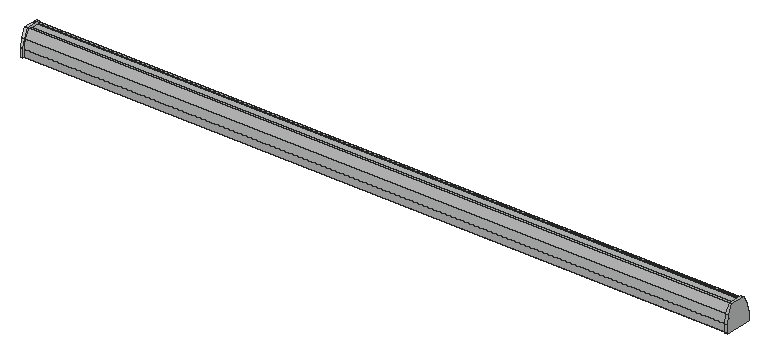
Revit family "LIRA", category Осветительные приборы, Revit 2019 (continued)
Types (6, lengths in mm): name | built-in parameter 1150134 | built-in parameter 1150105 | Lumens | built-in parameter 1150106 | built-in parameter 1150142 | Wattage | built-in parameter 1150107 | Emit from Rectangle Length | Длина | ADSK_Ток | ADSK_Полная мощность | ADSK_Обозначение | ADSK_Номинальная мощность | ADSK_Наименование | ADSK_Масса | ADSK_Код изделия
  LIRA-38/OPAL-1200/IP65  (5000К, серый) | 2 | 310.35 (stored number, unit not read) | 3900 lm | 3.1035 (stored number, unit not read) | "IESNA:LM-63-95\r\n[TEST] Протокол № 50\r\n[DATA] 17.06.2016\r\n[MORE] \r\n[MANUFAC] ЗАО \"Центрстройсвет\"\r\n[LUMCAT]  Светильник OPERLUX-34/PRISMA-(588x588) \r\n[LUMINAIRE]\r\n[LAMPCAT] Светодиоды\r\n[LAMP] Поток источника света (светодиодов) не известен\r\n[MORE] КСС приведена в абсолютных величинах кд\r\n[MORE] Вместо потока лампы, указан поток светильника.\r\nTILT=NONE\r\n1    3050 1.0 37 73 1 2 0.588 0.588 0.08\r\n1.0 1.0 34\r\n0.0 5.0 10.0 15.0 20.0 25.0 30.0 35.0 40.0 45.0 50.0 55.0 60.0 65.0 70.0 75.0 80.0 85.0 90.0 95.0 100.0 105.0 110.0 115.0 120.0 125.0 130.0 135.0 140.0 145.0 150.0 155.0 160.0 165.0 170.0 175.0 180.0\r\n0.0 5.0 10.0 15.0 20.0 25.0 30.0 35.0 40.0 45.0 50.0 55.0 60.0 65.0 70.0 75.0 80.0 85.0 90.0 95.0 100.0 105.0 110.0 115.0 120.0 125.0 130.0 135.0 140.0 145.0 150.0 155.0 160.0 165.0 170.0 175.0 180.0 185.0 190.0 195.0 200.0 205.0 210.0 215.0 220.0 225.0 230.0 235.0 240.0 245.0 250.0 255.0 260.0 265.0 270.0 275.0 280.0 285.0 290.0 295.0 300.0 305.0 310.0 315.0 320.0 325.0 330.0 335.0 340.0 345.0 350.0 355.0 360.0\r\n1367.8 1364.1 1339.9 1310.7 1251.0 1171.4 1077.9 956.5 826.9 709.2 591.4 468.7 352.2 267.2 190.7 130.0 88.6 43.5 5.5 0.0 0.0 0.0 0.0 0.0 0.0 0.0 0.0 0.0 0.0 0.0 0.0 0.0 0.0 0.0 0.0 0.0 0.0\r\n1367.8 1365.7 1344.6 1309.2 1251.5 1175.2 1073.4 954.2 830.4 711.2 594.6 469.5 356.0 268.7 191.9 132.6 89.9 43.9 6.3 0.0 0.0 0.0 0.0 0.0 0.0 0.0 0.0 0.0 0.0 0.0 0.0 0.0 0.0 0.0 0.0 0.0 0.0\r\n1367.8 1367.4 1347.2 1302.8 1251.5 1178.6 1078.4 958.6 835.1 714.0 597.2 474.3 359.6 268.7 192.7 135.6 92.1 44.3 6.9 0.0 0.0 0.0 0.0 0.0 0.0 0.0 0.0 0.0 0.0 0.0 0.0 0.0 0.0 0.0 0.0 0.0 0.0\r\n1367.8 1368.2 1346.2 1303.1 1250.1 1177.1 1081.4 960.9 838.1 716.2 597.6 475.0 358.6 266.4 190.9 134.8 91.7 44.9 7.0 0.0 0.0 0.0 0.0 0.0 0.0 0.0 0.0 0.0 0.0 0.0 0.0 0.0 0.0 0.0 0.0 0.0 0.0\r\n1367.8 1367.7 1343.5 1306.2 1256.1 1180.0 1081.0 961.6 838.1 714.0 595.7 473.1 356.8 262.2 188.3 132.8 89.3 43.7 6.6 0.0 0.0 0.0 0.0 0.0 0.0 0.0 0.0 0.0 0.0 0.0 0.0 0.0 0.0 0.0 0.0 0.0 0.0\r\n1367.8 1366.2 1344.8 1309.0 1256.2 1184.6 1080.4 962.6 836.8 714.8 593.8 469.6 354.4 260.1 184.9 130.4 88.4 44.2 6.5 0.0 0.0 0.0 0.0 0.0 0.0 0.0 0.0 0.0 0.0 0.0 0.0 0.0 0.0 0.0 0.0 0.0 0.0\r\n1367.8 1364.3 1347.6 1312.1 1259.9 1177.4 1078.5 968.2 849.1 721.6 596.0 467.2 355.0 257.4 183.3 127.1 87.5 45.4 6.5 0.0 0.0 0.0 0.0 0.0 0.0 0.0 0.0 0.0 0.0 0.0 0.0 0.0 0.0 0.0 0.0 0.0 0.0\r\n1367.8 1363.3 1348.8 1312.0 1262.8 1181.2 1077.4 968.8 853.2 730.0 597.2 466.8 353.5 256.9 181.1 124.8 87.2 45.9 6.9 0.0 0.0 0.0 0.0 0.0 0.0 0.0 0.0 0.0 0.0 0.0 0.0 0.0 0.0 0.0 0.0 0.0 0.0\r\n1367.8 1364.0 1350.3 1308.2 1255.9 1182.2 1079.9 969.0 856.0 734.3 601.1 468.4 352.6 254.4 178.0 121.7 85.5 45.0 6.9 0.0 0.0 0.0 0.0 0.0 0.0 0.0 0.0 0.0 0.0 0.0 0.0 0.0 0.0 0.0 0.0 0.0 0.0\r\n1367.8 1364.9 1349.2 1313.0 1259.2 1178.2 1076.4 970.7 860.9 740.8 606.9 469.1 350.2 254.0 175.6 117.8 83.6 43.4 6.7 0.0 0.0 0.0 0.0 0.0 0.0 0.0 0.0 0.0 0.0 0.0 0.0 0.0 0.0 0.0 0.0 0.0 0.0\r\n1367.8 1365.0 1348.6 1315.3 1261.5 1184.1 1082.6 973.9 862.8 745.2 607.9 469.0 350.5 253.1 173.2 116.2 81.4 42.4 6.5 0.0 0.0 0.0 0.0 0.0 0.0 0.0 0.0 0.0 0.0 0.0 0.0 0.0 0.0 0.0 0.0 0.0 0.0\r\n1367.8 1364.4 1347.9 1315.3 1258.7 1186.3 1085.9 970.5 862.2 747.0 613.0 468.8 350.2 252.8 173.4 116.6 79.8 40.9 6.7 0.0 0.0 0.0 0.0 0.0 0.0 0.0 0.0 0.0 0.0 0.0 0.0 0.0 0.0 0.0 0.0 0.0 0.0\r\n1367.8 1363.4 1347.0 1308.3 1258.6 1184.3 1089.8 973.9 867.7 742.3 606.2 467.0 350.0 252.6 175.4 119.1 79.8 42.1 7.1 0.0 0.0 0.0 0.0 0.0 0.0 0.0 0.0 0.0 0.0 0.0 0.0 0.0 0.0 0.0 0.0 0.0 0.0\r\n1367.8 1362.6 1348.4 1308.2 1261.4 1190.2 1088.3 978.6 869.6 744.0 601.1 462.4 350.2 253.6 175.9 123.0 83.5 45.3 7.8 0.0 0.0 0.0 0.0 0.0 0.0 0.0 0.0 0.0 0.0 0.0 0.0 0.0 0.0 0.0 0.0 0.0 0.0\r\n1367.8 1362.3 1347.3 1311.1 1262.3 1191.1 1093.6 982.5 872.1 746.6 597.2 461.1 348.8 251.4 176.3 127.6 89.2 48.5 7.9 0.0 0.0 0.0 0.0 0.0 0.0 0.0 0.0 0.0 0.0 0.0 0.0 0.0 0.0 0.0 0.0 0.0 0.0\r\n1367.8 1362.5 1345.8 1316.1 1260.6 1190.3 1096.8 982.6 873.3 743.8 593.1 456.4 347.2 250.6 175.7 130.9 94.2 51.8 9.3 0.0 0.0 0.0 0.0 0.0 0.0 0.0 0.0 0.0 0.0 0.0 0.0 0.0 0.0 0.0 0.0 0.0 0.0\r\n1367.8 1363.2 1345.2 1315.5 1267.1 1195.5 1096.1 995.9 871.3 740.3 589.0 455.0 342.8 246.9 174.2 131.9 97.1 52.4 10.1 0.0 0.0 0.0 0.0 0.0 0.0 0.0 0.0 0.0 0.0 0.0 0.0 0.0 0.0 0.0 0.0 0.0 0.0\r\n1367.8 1364.5 1346.0 1317.2 1264.0 1194.7 1102.6 991.8 873.9 736.2 584.7 454.3 338.6 243.0 171.3 130.1 99.3 53.7 9.5 0.0 0.0 0.0 0.0 0.0 0.0 0.0 0.0 0.0 0.0 0.0 0.0 0.0 0.0 0.0 0.0 0.0 0.0\r\n1367.8 1365.9 1346.4 1317.1 1264.0 1198.2 1105.3 994.6 872.6 727.7 582.0 451.8 335.8 239.9 168.3 127.6 100.0 55.8 7.5 0.0 0.0 0.0 0.0 0.0 0.0 0.0 0.0 0.0 0.0 0.0 0.0 0.0 0.0 0.0 0.0 0.0 0.0\r\n1367.8 1366.3 1344.9 1317.5 1265.6 1200.4 1108.2 997.2 868.8 722.7 575.8 446.5 333.1 238.4 167.7 126.3 98.1 56.1 8.8 0.0 0.0 0.0 0.0 0.0 0.0 0.0 0.0 0.0 0.0 0.0 0.0 0.0 0.0 0.0 0.0 0.0 0.0\r\n1367.8 1365.9 1344.0 1313.0 1263.2 1200.6 1104.3 997.0 862.7 720.9 568.5 441.0 331.7 237.8 167.7 126.3 96.7 53.7 9.4 0.0 0.0 0.0 0.0 0.0 0.0 0.0 0.0 0.0 0.0 0.0 0.0 0.0 0.0 0.0 0.0 0.0 0.0\r\n1367.8 1365.3 1346.1 1312.6 1263.0 1198.3 1108.1 995.3 861.6 712.7 563.4 437.4 331.4 236.8 165.9 124.7 95.3 55.2 9.1 0.0 0.0 0.0 0.0 0.0 0.0 0.0 0.0 0.0 0.0 0.0 0.0 0.0 0.0 0.0 0.0 0.0 0.0\r\n1367.8 1364.9 1349.2 1313.0 1262.9 1199.0 1108.3 993.8 855.7 710.3 563.1 435.2 329.9 233.9 163.4 121.6 92.0 55.1 8.8 0.0 0.0 0.0 0.0 0.0 0.0 0.0 0.0 0.0 0.0 0.0 0.0 0.0 0.0 0.0 0.0 0.0 0.0\r\n1367.8 1364.1 1352.0 1313.2 1259.2 1197.0 1104.6 988.6 849.9 704.2 562.4 433.5 327.9 230.5 158.4 116.9 87.6 51.4 7.8 0.0 0.0 0.0 0.0 0.0 0.0 0.0 0.0 0.0 0.0 0.0 0.0 0.0 0.0 0.0 0.0 0.0 0.0\r\n1367.8 1363.0 1349.6 1313.3 1257.8 1193.2 1098.7 980.1 848.0 708.1 565.6 433.4 325.1 228.0 154.2 111.3 83.7 49.7 7.5 0.0 0.0 0.0 0.0 0.0 0.0 0.0 0.0 0.0 0.0 0.0 0.0 0.0 0.0 0.0 0.0 0.0 0.0\r\n1367.8 1361.9 1346.7 1314.1 1256.8 1193.2 1093.6 977.6 847.2 708.6 569.1 434.8 324.5 225.9 151.7 107.5 81.6 48.9 7.3 0.0 0.0 0.0 0.0 0.0 0.0 0.0 0.0 0.0 0.0 0.0 0.0 0.0 0.0 0.0 0.0 0.0 0.0\r\n1367.8 1361.2 1345.0 1309.5 1261.1 1193.3 1089.9 973.2 851.1 709.3 572.7 435.0 323.4 225.4 152.1 105.8 80.4 49.9 7.3 0.0 0.0 0.0 0.0 0.0 0.0 0.0 0.0 0.0 0.0 0.0 0.0 0.0 0.0 0.0 0.0 0.0 0.0\r\n1367.8 1360.5 1345.3 1307.2 1258.6 1186.4 1085.9 974.0 847.9 714.1 575.5 436.8 321.2 223.3 152.0 105.2 79.8 49.6 8.0 0.0 0.0 0.0 0.0 0.0 0.0 0.0 0.0 0.0 0.0 0.0 0.0 0.0 0.0 0.0 0.0 0.0 0.0\r\n1367.8 1360.0 1344.3 1308.1 1257.8 1178.2 1085.3 975.1 848.7 715.2 575.4 439.1 318.7 223.0 150.8 104.3 79.3 49.5 8.2 0.0 0.0 0.0 0.0 0.0 0.0 0.0 0.0 0.0 0.0 0.0 0.0 0.0 0.0 0.0 0.0 0.0 0.0\r\n1367.8 1360.5 1346.2 1311.6 1256.3 1174.7 1082.9 978.6 851.4 710.5 574.9 440.6 317.9 221.6 152.3 106.4 79.3 48.7 8.4 0.0 0.0 0.0 0.0 0.0 0.0 0.0 0.0 0.0 0.0 0.0 0.0 0.0 0.0 0.0 0.0 0.0 0.0\r\n1367.8 1361.9 1350.3 1309.3 1252.2 1172.6 1080.3 970.8 851.2 713.3 570.6 439.7 319.0 222.4 154.5 110.7 81.7 47.4 8.1 0.0 0.0 0.0 0.0 0.0 0.0 0.0 0.0 0.0 0.0 0.0 0.0 0.0 0.0 0.0 0.0 0.0 0.0\r\n1367.8 1363.7 1348.0 1307.6 1253.5 1171.4 1087.1 971.6 851.9 710.7 569.9 438.2 323.8 226.5 159.3 115.4 83.3 45.0 7.6 0.0 0.0 0.0 0.0 0.0 0.0 0.0 0.0 0.0 0.0 0.0 0.0 0.0 0.0 0.0 0.0 0.0 0.0\r\n1367.8 1365.3 1346.4 1312.3 1251.8 1172.7 1086.5 974.6 847.7 705.0 567.7 442.4 326.6 234.0 164.3 120.1 85.8 43.9 7.4 0.0 0.0 0.0 0.0 0.0 0.0 0.0 0.0 0.0 0.0 0.0 0.0 0.0 0.0 0.0 0.0 0.0 0.0\r\n1367.8 1366.2 1347.0 1309.1 1250.4 1170.7 1085.2 978.5 846.6 705.8 567.4 441.3 331.1 236.3 167.7 122.8 88.4 45.0 8.1 0.0 0.0 0.0 0.0 0.0 0.0 0.0 0.0 0.0 0.0 0.0 0.0 0.0 0.0 0.0 0.0 0.0 0.0\r\n1367.8 1366.0 1347.9 1306.2 1240.5 1166.7 1082.2 977.2 844.2 702.8 566.8 442.7 335.1 241.3 169.7 123.7 90.0 45.9 9.2 0.0 0.0 0.0 0.0 0.0 0.0 0.0 0.0 0.0 0.0 0.0 0.0 0.0 0.0 0.0 0.0 0.0 0.0\r\n1367.8 1364.3 1346.5 1311.7 1250.6 1170.3 1080.9 980.5 844.4 703.8 569.8 446.4 334.2 240.3 169.5 121.7 87.9 46.9 9.3 0.0 0.0 0.0 0.0 0.0 0.0 0.0 0.0 0.0 0.0 0.0 0.0 0.0 0.0 0.0 0.0 0.0 0.0\r\n1367.8 1361.6 1341.0 1307.3 1249.6 1169.2 1088.8 980.5 845.1 706.2 571.7 444.8 333.0 238.4 168.9 120.7 87.1 47.8 7.8 0.0 0.0 0.0 0.0 0.0 0.0 0.0 0.0 0.0 0.0 0.0 0.0 0.0 0.0 0.0 0.0 0.0 0.0\r\n1367.8 1359.4 1337.2 1303.3 1252.4 1170.4 1080.4 978.1 841.4 701.4 566.4 444.4 333.5 241.2 169.4 122.2 88.2 47.2 9.5 0.0 0.0 0.0 0.0 0.0 0.0 0.0 0.0 0.0 0.0 0.0 0.0 0.0 0.0 0.0 0.0 0.0 0.0\r\n1367.8 1359.3 1342.6 1310.3 1242.7 1173.0 1078.8 976.3 844.8 702.0 565.3 440.7 332.8 240.9 169.9 123.5 89.5 46.1 9.1 0.0 0.0 0.0 0.0 0.0 0.0 0.0 0.0 0.0 0.0 0.0 0.0 0.0 0.0 0.0 0.0 0.0 0.0\r\n1367.8 1361.3 1345.4 1306.4 1248.2 1167.7 1080.4 980.5 846.8 703.5 567.2 443.4 333.2 240.2 168.7 123.1 88.4 46.2 8.4 0.0 0.0 0.0 0.0 0.0 0.0 0.0 0.0 0.0 0.0 0.0 0.0 0.0 0.0 0.0 0.0 0.0 0.0\r\n1367.8 1364.4 1343.1 1308.2 1251.3 1170.9 1084.2 980.8 848.5 707.7 571.1 445.6 332.7 238.1 167.5 120.7 85.6 44.6 7.7 0.0 0.0 0.0 0.0 0.0 0.0 0.0 0.0 0.0 0.0 0.0 0.0 0.0 0.0 0.0 0.0 0.0 0.0\r\n1367.8 1366.7 1342.9 1310.2 1254.3 1176.8 1087.8 981.7 853.4 711.9 574.2 446.0 329.4 232.8 162.6 116.6 83.7 45.3 8.1 0.0 0.0 0.0 0.0 0.0 0.0 0.0 0.0 0.0 0.0 0.0 0.0 0.0 0.0 0.0 0.0 0.0 0.0\r\n1367.8 1367.7 1346.5 1310.6 1258.1 1183.1 1085.5 978.6 854.1 714.2 577.9 448.7 327.1 229.4 158.3 112.1 82.0 47.9 9.0 0.0 0.0 0.0 0.0 0.0 0.0 0.0 0.0 0.0 0.0 0.0 0.0 0.0 0.0 0.0 0.0 0.0 0.0\r\n1367.8 1367.3 1348.0 1310.6 1262.6 1180.1 1086.5 982.6 856.7 719.8 579.9 448.7 324.7 226.8 155.7 107.8 80.3 50.1 9.5 0.0 0.0 0.0 0.0 0.0 0.0 0.0 0.0 0.0 0.0 0.0 0.0 0.0 0.0 0.0 0.0 0.0 0.0\r\n1367.8 1365.6 1348.6 1309.9 1259.0 1186.0 1089.0 979.4 855.0 722.2 584.2 450.5 325.6 227.6 155.8 107.2 80.5 51.4 9.6 0.0 0.0 0.0 0.0 0.0 0.0 0.0 0.0 0.0 0.0 0.0 0.0 0.0 0.0 0.0 0.0 0.0 0.0\r\n1367.8 1363.3 1347.7 1306.8 1261.1 1190.7 1095.5 982.3 860.8 723.2 585.7 446.3 327.8 230.3 158.2 109.3 81.7 51.4 9.3 0.0 0.0 0.0 0.0 0.0 0.0 0.0 0.0 0.0 0.0 0.0 0.0 0.0 0.0 0.0 0.0 0.0 0.0\r\n1367.8 1361.0 1344.4 1306.7 1264.4 1191.7 1095.0 984.8 858.7 723.1 583.6 444.8 328.4 232.3 158.6 109.9 81.8 51.7 9.0 0.0 0.0 0.0 0.0 0.0 0.0 0.0 0.0 0.0 0.0 0.0 0.0 0.0 0.0 0.0 0.0 0.0 0.0\r\n1367.8 1359.1 1344.3 1308.4 1263.8 1198.1 1102.2 989.8 861.5 721.8 582.8 444.8 331.3 233.7 158.6 111.1 83.0 50.9 8.9 0.0 0.0 0.0 0.0 0.0 0.0 0.0 0.0 0.0 0.0 0.0 0.0 0.0 0.0 0.0 0.0 0.0 0.0\r\n1367.8 1357.8 1346.5 1313.8 1263.6 1192.7 1107.0 996.3 859.5 718.8 579.1 442.9 332.1 234.9 160.7 114.1 84.6 51.0 9.2 0.0 0.0 0.0 0.0 0.0 0.0 0.0 0.0 0.0 0.0 0.0 0.0 0.0 0.0 0.0 0.0 0.0 0.0\r\n1367.8 1357.7 1347.3 1313.2 1264.3 1198.9 1108.1 998.6 864.9 718.7 573.2 441.1 332.1 237.8 164.0 118.2 87.5 52.0 9.8 0.0 0.0 0.0 0.0 0.0 0.0 0.0 0.0 0.0 0.0 0.0 0.0 0.0 0.0 0.0 0.0 0.0 0.0\r\n1367.8 1358.5 1346.9 1313.1 1266.5 1195.6 1112.2 1002.8 870.4 722.5 574.7 443.8 335.7 239.1 166.4 121.6 91.2 55.8 10.9 0.0 0.0 0.0 0.0 0.0 0.0 0.0 0.0 0.0 0.0 0.0 0.0 0.0 0.0 0.0 0.0 0.0 0.0\r\n1367.8 1359.8 1344.7 1312.9 1269.5 1203.1 1107.5 1002.6 874.5 724.4 574.3 444.8 335.5 240.3 169.6 124.4 94.2 56.9 11.6 0.0 0.0 0.0 0.0 0.0 0.0 0.0 0.0 0.0 0.0 0.0 0.0 0.0 0.0 0.0 0.0 0.0 0.0\r\n1367.8 1361.7 1344.5 1316.7 1266.1 1199.3 1111.1 1004.7 879.7 733.6 577.6 446.7 337.8 241.2 168.7 126.0 96.3 56.5 11.7 0.0 0.0 0.0 0.0 0.0 0.0 0.0 0.0 0.0 0.0 0.0 0.0 0.0 0.0 0.0 0.0 0.0 0.0\r\n1367.8 1363.9 1346.7 1316.2 1265.7 1198.1 1117.1 1006.7 882.1 737.2 586.5 450.4 338.9 242.3 167.8 125.5 98.6 58.1 10.5 0.0 0.0 0.0 0.0 0.0 0.0 0.0 0.0 0.0 0.0 0.0 0.0 0.0 0.0 0.0 0.0 0.0 0.0\r\n1367.8 1365.2 1345.4 1319.5 1265.7 1198.8 1109.1 1003.5 876.9 742.6 589.1 456.4 341.1 242.1 167.5 126.8 100.2 57.9 8.8 0.0 0.0 0.0 0.0 0.0 0.0 0.0 0.0 0.0 0.0 0.0 0.0 0.0 0.0 0.0 0.0 0.0 0.0\r\n1367.8 1365.0 1345.2 1312.9 1265.8 1199.0 1109.7 999.6 877.6 742.6 595.8 457.7 342.1 245.3 170.4 128.5 99.0 56.9 11.0 0.0 0.0 0.0 0.0 0.0 0.0 0.0 0.0 0.0 0.0 0.0 0.0 0.0 0.0 0.0 0.0 0.0 0.0\r\n1367.8 1364.1 1347.9 1311.6 1271.1 1195.3 1102.7 998.9 881.1 745.5 597.2 460.9 345.1 248.6 174.0 129.7 96.5 55.6 11.2 0.0 0.0 0.0 0.0 0.0 0.0 0.0 0.0 0.0 0.0 0.0 0.0 0.0 0.0 0.0 0.0 0.0 0.0\r\n1367.8 1363.0 1347.3 1314.0 1269.6 1192.3 1104.9 991.5 878.3 748.8 603.5 463.3 348.1 251.3 177.2 130.4 94.2 55.0 10.3 0.0 0.0 0.0 0.0 0.0 0.0 0.0 0.0 0.0 0.0 0.0 0.0 0.0 0.0 0.0 0.0 0.0 0.0\r\n1367.8 1362.4 1346.2 1314.7 1264.3 1194.7 1094.8 992.0 878.4 749.1 608.2 465.6 349.4 252.9 177.2 127.6 90.1 51.7 8.7 0.0 0.0 0.0 0.0 0.0 0.0 0.0 0.0 0.0 0.0 0.0 0.0 0.0 0.0 0.0 0.0 0.0 0.0\r\n1367.8 1362.7 1348.0 1314.5 1265.5 1196.6 1094.9 983.4 872.0 752.6 609.3 469.0 352.6 254.1 177.1 125.0 85.8 47.2 8.1 0.0 0.0 0.0 0.0 0.0 0.0 0.0 0.0 0.0 0.0 0.0 0.0 0.0 0.0 0.0 0.0 0.0 0.0\r\n1367.8 1362.9 1347.6 1317.1 1264.6 1191.1 1090.4 981.6 868.8 748.7 612.1 472.2 352.0 253.6 176.2 121.4 83.1 43.4 6.9 0.0 0.0 0.0 0.0 0.0 0.0 0.0 0.0 0.0 0.0 0.0 0.0 0.0 0.0 0.0 0.0 0.0 0.0\r\n1367.8 1362.5 1343.6 1318.7 1268.8 1192.3 1085.5 974.5 866.1 750.5 612.3 472.0 350.7 253.1 174.7 119.5 83.2 43.3 6.3 0.0 0.0 0.0 0.0 0.0 0.0 0.0 0.0 0.0 0.0 0.0 0.0 0.0 0.0 0.0 0.0 0.0 0.0\r\n1367.8 1362.1 1341.3 1317.3 1267.8 1185.0 1082.2 972.1 864.2 747.6 611.4 473.0 350.1 254.2 174.7 118.9 84.4 45.4 6.1 0.0 0.0 0.0 0.0 0.0 0.0 0.0 0.0 0.0 0.0 0.0 0.0 0.0 0.0 0.0 0.0 0.0 0.0\r\n1367.8 1362.2 1343.6 1308.9 1260.0 1189.4 1084.9 971.7 859.6 740.4 606.9 470.8 351.4 253.9 176.6 120.3 86.5 45.9 6.5 0.0 0.0 0.0 0.0 0.0 0.0 0.0 0.0 0.0 0.0 0.0 0.0 0.0 0.0 0.0 0.0 0.0 0.0\r\n1367.8 1363.0 1342.9 1314.5 1263.9 1184.9 1081.6 971.9 853.4 735.2 605.3 467.7 352.3 254.8 180.1 122.7 87.8 46.6 6.8 0.0 0.0 0.0 0.0 0.0 0.0 0.0 0.0 0.0 0.0 0.0 0.0 0.0 0.0 0.0 0.0 0.0 0.0\r\n1367.8 1364.3 1340.2 1313.1 1261.0 1182.5 1084.4 971.4 852.3 730.7 600.0 466.2 354.3 255.8 181.2 124.6 88.4 46.8 6.6 0.0 0.0 0.0 0.0 0.0 0.0 0.0 0.0 0.0 0.0 0.0 0.0 0.0 0.0 0.0 0.0 0.0 0.0\r\n1367.8 1365.9 1343.5 1308.2 1258.3 1181.3 1083.1 966.4 845.6 721.0 594.9 467.0 352.2 259.1 183.4 126.7 88.1 45.4 6.1 0.0 0.0 0.0 0.0 0.0 0.0 0.0 0.0 0.0 0.0 0.0 0.0 0.0 0.0 0.0 0.0 0.0 0.0\r\n1367.8 1366.3 1345.1 1308.7 1254.7 1177.8 1080.9 969.9 838.6 714.9 593.4 465.7 351.7 258.6 185.5 129.6 88.1 44.0 5.9 0.0 0.0 0.0 0.0 0.0 0.0 0.0 0.0 0.0 0.0 0.0 0.0 0.0 0.0 0.0 0.0 0.0 0.0\r\n1367.8 1364.5 1343.2 1306.3 1248.4 1177.3 1082.4 962.7 833.3 713.0 595.0 468.9 352.8 260.9 187.3 132.3 88.7 43.5 6.0 0.0 0.0 0.0 0.0 0.0 0.0 0.0 0.0 0.0 0.0 0.0 0.0 0.0 0.0 0.0 0.0 0.0 0.0\r\n1367.8 1362.4 1346.0 1305.7 1255.8 1170.9 1078.4 956.8 832.7 709.6 592.6 470.6 355.6 263.8 189.2 133.7 90.3 44.0 6.3 0.0 0.0 0.0 0.0 0.0 0.0 0.0 0.0 0.0 0.0 0.0 0.0 0.0 0.0 0.0 0.0 0.0 0.0\r\n1367.8 1362.0 1346.8 1311.0 1252.6 1177.3 1074.5 958.3 825.6 709.7 591.0 467.7 356.3 264.6 188.4 133.0 90.3 43.3 6.2 0.0 0.0 0.0 0.0 0.0 0.0 0.0 0.0 0.0 0.0 0.0 0.0 0.0 0.0 0.0 0.0 0.0 0.0\r\n1367.8 1363.0 1341.5 1311.3 1242.3 1175.5 1082.4 953.9 818.8 707.4 591.0 466.6 352.5 265.4 188.6 130.9 89.0 43.1 6.3 0.0 0.0 0.0 0.0 0.0 0.0 0.0 0.0 0.0 0.0 0.0 0.0 0.0 0.0 0.0 0.0 0.0 0.0\r\n1367.8 1364.1 1339.9 1310.7 1251.0 1171.4 1077.9 956.5 826.9 709.2 591.4 468.7 352.2 267.2 190.7 130.0 88.6 43.5 5.5 0.0 0.0 0.0 0.0 0.0 0.0 0.0 0.0 0.0 0.0 0.0 0.0 0.0 0.0 0.0 0.0 0.0 0.0\r\n" | 26.2552 W | 5000 (stored number, unit not read) | 1230 | 1250 | 0.179584 A | 41.3043 VA | "LIRA-38/OPAL-1200/IP65 (5000К, серый)" | 38 W | "Светодиодный пылевлагозащищенный светильник LIRA-38/OPAL-1200/IP65 (5000К, серый)" | 2.8 | "ЦБ000009476"
